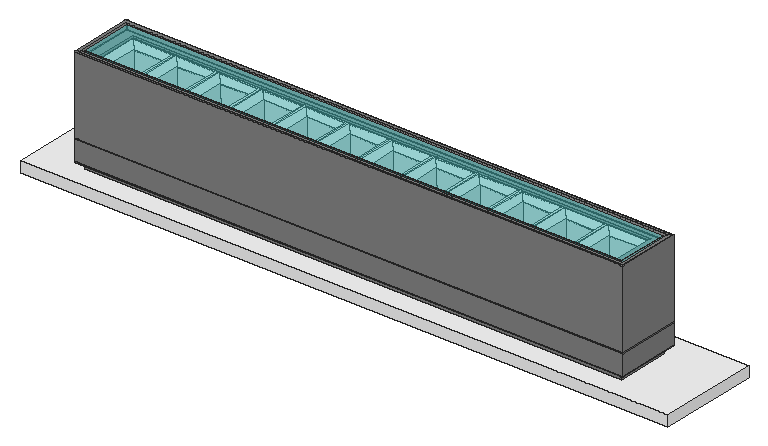
Revit family "BE_24461_de_DE", category Leuchten, Revit 2020
Family settings
  Basisbauteil = Fläche
  Bemaßung runder Anschluss = Durchmesser verwenden
  Teiletyp = Normal
  Beim Laden mit Abzugskörper schneiden = Ja
  Lichtquelle = Ja
  Gemeinsam genutzt = Nein
  Raumberechnungspunkt = Ja
Parameters (values of type "BEGA_24461_Grafit_K4")
  built-in parameter 1150104 = 17.816 (stored number, unit not read)
  Wattage = 15.8 W
  Default Elevation = 0 mm
  built-in parameter 1150113 = 1 (stored number, unit not read)
  built-in parameter 1114218 = 1 (stored number, unit not read)
  Umgebungstemperatur = "25 °C"
  URL = "https://www.bega.com/de/produkt/24461"
  Typenkommentare = "© 2022 BEGA. Wir behalten uns das Recht vor, technische Änderungen ohne vorherige Ankündigung vorzunehmen."  # constant formula
  Type Image = 24461.png
  built-in parameter 1150134 = 12
  built-in parameter 1150109 = 1 (stored number, unit not read)
  Strom = ""
  built-in parameter 1150110 = 1 (stored number, unit not read)
  Spannung = 239.996 V
  Sonderanfertigung = no
  Seriennummer [instance] = "Hier können Sie die eindeutige Seriennummer für das Facility Management eintragen."
  Schutzklasse = "I"
  Schutzart = "IP 65"
  Scheinlast = 0 VA
  Produktdatenblatt = "https://cdn.bega.com/bega/products/24461K3/current/documents/data-sheets/de"
  Neigungswinkel = 0.00°
  Modell = "24461K4"
  Material_17 = BEGA_Reflektor
  Material_15 = BEGA_Leuchtmedium_matt
  Material_13 = BEGA_Kunststoff_matt
  Material_11 = BEGA_Glas_opal
  Material_09 = BEGA_Glas_klar
  Material_06 = BEGA_Oberfläche_Edelstahl_gebürstet
  Material_05 = BEGA_Oberfläche_Aluminium Guss
  Material_03 = BEGA_Oberfläche_Weiss_matt
  Material_02 = BEGA_Oberfläche_Silber_matt
  Material_01 [instance] = BEGA_Oberfläche_Grafit_matt
  M_W = no
  M_G = yes
  M_A = no
  Logo = 0
  built-in parameter 1114217 = 1 (stored number, unit not read)
  built-in parameter 1150139 = (empty or 0)
  built-in parameter 1150105 = 241.12 (stored number, unit not read)
  built-in parameter 1150114 = 1 (stored number, unit not read)
  Lumens = 3029.97 lm
  built-in parameter 1150115 = 1 (stored number, unit not read)
  Leuchtenlichtstrom = "2012 lm"
  Leuchtenanzahl = ""
  Lebensdauerkriterien = "L70B50 @ 25 °C = 200000 h"
  Lastklassifizierung = Beleuchtung
  built-in parameter 1150112 = 1 (stored number, unit not read)
  Lampenlichtstrom = "3030 lm"
  Lampe = "LED 15.8 W"
  LED_Modulbezeichnung = "2x LED-0771/840"
  Hersteller = "BEGA"  # constant formula
  Halbstreuwinkel = ""
  Gewicht = "2.8 kg"
  Frequenz = "0/50-60 Hz"
  Farbwiedergabeindex = "CRI > 80"
  Farbtemperaturverschiebung bei Dämpfen der Lampe = <Keine Auswahl>
  Farbtemperatur = "4000 K"
  Color Filter = 16777215
  built-in parameter 1150133 = 10 (stored number, unit not read)
  Energieeffizienzklasse = "LED A++ - A"
  built-in parameter 1150137 = (empty or 0)
  built-in parameter 1150132 = (empty or 0)
  Dimmbar [instance] = "DALI"
  Datei für fotometrisches Netz = "BE_24461K4.IES"
  CE_Konformität = "ja"
  Bestellnummer = "24461K4"
  Beschreibung_Sonderanfertigung = "Hier können Sie Informationen zur Sonderanfertigung eintragen."
  Beschreibung = "Deckenaufbau-Tiefstrahler"
  built-in parameter 1150106 = 2.4112 (stored number, unit not read)
  Befestigungsbohrung = "Ø 7 mm"
  Befestigungsabstand = "433 mm"
  BEGA_Intern_aus = yes
  BEGA_Intern_an = yes
  BEGA_Intern_Konstruktion = yes
  BEGA_Intern = yes
  BEGA_IES = yes
  BEGA_Dummy = no
  Anschlussleistung [instance] = "18.3 W"
  Anschlusskasten = ""
  built-in parameter 1150107 = 4000 (stored number, unit not read)
  built-in parameter 1150102 = (empty or 0)
  built-in parameter 1150138 = (empty or 0)
  Aktualisierung = "2022-05-18T04:00:07"
  AC/DC = "AC/DC"
Reference planes
  plane 1 "Mitte (Vorne/Hinten)": y = 0
  plane 2: z = 0
  plane 3 "Mitte (Links/Rechts)": x = 0
  plane 4 "Links": x = -260
  plane 5 "Rechts": x = 260.3
  plane 6 "Unten": y = -30
  plane 7 "Oben": y = 30
  plane 8 "Vorne": z = 101
  plane 9 "Hinten": z = 0
Forms (mm)
  Extrusion 1, solid, material "BEGA_Platte_Weiss"
    sketch origin (0, -1119.2, 0) x (1, 0, 0) y (0, 1, 0)
      loop
        line (-300, 1169.2) -> (-300, 1074.2) -> (315, 1074.2) -> (315, 1169.2) -> (-300, 1169.2)
    from 0 to -10
  Extrusion 2, solid, material "BEGA_Dummy_matt", visible <- "BEGA_Dummy"
    sketch origin (80.095, -76.023, 0) x (1, 0, 0) y (0, 1, 0)
      loop
        line (-340.095, 106.023) -> (-340.095, 46.023) -> (180.205, 46.023) -> (180.205, 106.023) -> (-340.095, 106.023)
    from 0 to 101
Dimensions and locks
  plane 1 "Mitte (Vorne/Hinten)" to Extrusion 1 = 50 mm
  aligned and locked: plane 2 to Extrusion 1
  aligned and locked: level to Extrusion 1
  aligned and locked: plane 3 "Mitte (Links/Rechts)" to nested 1
  aligned and locked: plane 1 "Mitte (Vorne/Hinten)" to nested 1
  aligned and locked: nested 1 to Extrusion 2  (x3)
  aligned and locked: Extrusion 2 to nested 1
  aligned and locked: plane 7 "Oben" to Extrusion 2
  aligned and locked: plane 5 "Rechts" to Extrusion 2
  aligned and locked: plane 6 "Unten" to Extrusion 2
  aligned and locked: plane 4 "Links" to Extrusion 2
  aligned and locked: imposter light to plane 3 "Mitte (Links/Rechts)"
Nested families
  nested 1: "BE_24461" at (0, 0, 0), type "BE_24461"
Connectors
  electrical at (0, 0, 0), driven by "Lastklassifizierung", driven by "Spannung", driven by "Scheinlast"
    settings: index 1, voltage 239.996 V, apparent load 0 VA, apparent load phase1 0 VA, apparent load phase2 0 VA, apparent load phase3 0 VA, power factor 1, load classification "Beleuchtung", number of poles 1, system type 31, power factor state 1, is connector primary yes, connector utility no, sub classification motor no, connector description ""
Definition of nested family "BE_24461"
  Parameters (values of type "BE_24461")
    ui = 28 mm
    ua = 29 mm
    oi = 38 mm
    oa = 41 mm
    Default Elevation = 1 mm
    URL = "http://www.bega.de/de/produkt"
    Type Comments = "© 2015 BEGA. Wir behalten uns das Recht vor, technische Änderungen ohne vorherige Ankündigung vorzunehmen. "  # constant formula
    Type Image = (empty or 0)
    Pos_ui = 5 mm
    Pos_oi = 1.5 mm
    Pos_oa = 6 mm
    Neigungswinkel_um_Z2 = 0.00°
    Neigungswinkel_um_Z1 = 0.00°
    Neigungswinkel_um_Y2 = 0.00°
    Neigungswinkel_um_Y1 = 0.00°
    Neigungswinkel_um_X2 = 0.00°
    Neigungswinkel_um_X1 = 0.00°
    Material_17 = none
    Material_15 = none
    Material_13 = none
    Material_11 = none
    Material_09 = none
    Material_06 = none
    Material_05 = none
    Material_03 = none
    Material_02 = none
    Material_01 = none
    M_W = no
    M_G = yes
    M_A = no
    Länge_Platte = 700 mm  # constant formula
    Höhe_Platte = -10 mm  # constant formula
    Manufacturer = "BEGA"  # constant formula
    Drehwinkel_um_Z2 = 0.00°
    Drehwinkel_um_Z1 = 0.00°
    Breite_Platte = 200 mm  # constant formula
  Reference planes
    plane 1 "Mitte (Oben/Unten)": y = 0
    plane 2: z = 0
    plane 3 "Mitte (Links/Rechts)": x = 0
    plane 4: x = -260
    plane 5: z = 101
    plane 6: x = 260.3
    plane 7: y = 30
    plane 8: y = -30
  Forms (mm)
    Extrusion 1, solid, detail levels medium
      sketch origin (0, 0, 0) x (1, 0, 0) y (0, 1, 0)
        loop
          line (-350, 100) -> (-350, -100) -> (350, -100) -> (350, 100) -> (-350, 100)
      from 0 to -10 <- "Höhe_Platte"
    Sweep 2, solid, material <- "Material_01"
      path origin (0, 0, 0) x (1, 0, 0) y (0, 1, 0)
        loop
          line (-260, 30) -> (-260, -30) -> (260.3, -30) -> (260.3, 30) -> (-260, 30)
      profile origin (0.15, 30, 0) x (0, 1, 0) y (0, 0, 1)
        loop
          line (-0.5, 101) -> (-3.044, 101) -> (-4.682, 96.5) -> (-9.52, 96.5) -> (-9.52, 94) -> (-2.8, 94) -> (-2.8, 26) -> (-0.5, 26)
          arc (-0.5, 26) -> (-0.146, 26.146) -> (0, 26.5) r 0.5
          line (0, 26.5) -> (0, 100.5)
          arc (0, 100.5) -> (-0.146, 100.854) -> (-0.5, 101) r 0.5
    Extrusion 3, solid, material <- "Material_01"
      sketch origin (0, 0, 0) x (1, 0, 0) y (0, 0, 1)
        loop
          line (245.688, 94) -> (252.3, 94) -> (252.3, 96.5) -> (245.688, 96.5) -> (245.688, 94)
        loop
          line (-246, 94) -> (-246, 96.5) -> (-252.3, 96.5) -> (-252.3, 94) -> (-246, 94)
      from -22.05 to 22.05
    Extrusion 4, solid, material <- "Material_09"
      sketch origin (0, 0, 0) x (0, 1, 0) y (0, 0, 1)
        loop
          line (25, 96.7) -> (25, 100.7) -> (-25, 100.7) -> (-25, 96.7) -> (25, 96.7)
      from -255 to 255
    Sweep 5, solid, material <- "Material_01"
      path origin (0, 0, 0) x (1, 0, 0) y (0, 1, 0)
        loop
          line (260, 30) -> (-259.985, 30) -> (-259.985, -30) -> (260, -30) -> (260, 30)
      profile origin (0.008, 30, 0) x (0, -1, 0) y (0, 0, 1)
        loop
          arc (0, 6.5) -> (0.146, 6.146) -> (0.5, 6) r 0.5
          line (0.5, 6) -> (5, 6) -> (5, 0) -> (25, 0) -> (25, 10) -> (4, 10) -> (4, 26) -> (0, 26) -> (0, 6.5)
    Extrusion 6, solid, material <- "Material_01"
      sketch origin (0, 0, 0) x (0, 1, 0) y (0, 0, 1)
        loop
          line (5, 10) -> (-5, 10) -> (-5, 0) -> (5, 0) -> (5, 10)
      from 237 to -236
    Extrusion 7, void
      sketch origin (0, 0, 0) x (1, 0, 0) y (0, 1, 0)
        loop
          arc (-80, 20) -> (-100, 0) -> (-80, -20) r 20
          line (-80, -20) -> (80, -20)
          arc (80, -20) -> (100, 0) -> (80, 20) r 20
          line (80, 20) -> (-80, 20)
        loop
          arc (155, 3.5) -> (151.5, 0) -> (155, -3.5) r 3.5
          line (155, -3.5) -> (165, -3.5)
          arc (165, -3.5) -> (168.5, 0) -> (165, 3.5) r 3.5
          line (165, 3.5) -> (155, 3.5)
        loop
          arc (-163.5, -5) -> (-160, -8.5) -> (-156.5, -5) r 3.5
          line (-156.5, -5) -> (-156.5, 5)
          arc (-156.5, 5) -> (-160, 8.5) -> (-163.5, 5) r 3.5
          line (-163.5, 5) -> (-163.5, -5)
      from 11.948 to -0.793
    Revolve 8, solid, material <- "Material_06"
      sketch origin (-200, 0, 0) x (0, 1, 0) y (0, 0, 1)
        loop
          line (30, 22.75) -> (30, 18.8) -> (32.2, 18.8) -> (32.2, 22.75) -> (30, 22.75)
        axis (30, 18.8) -> (32.2, 18.8)
      angle from 0 to 360
    Revolve 9, solid, material <- "Material_06"
      sketch origin (200, 0, 0) x (0, 1, 0) y (0, 0, -1)
        loop
          line (30, -22.75) -> (32.2, -22.75) -> (32.2, -18.8) -> (30, -18.8) -> (30, -22.75)
        axis (30, -18.8) -> (32.2, -18.8)
      angle from 0 to 360
    Extrusion 10, solid, material <- "Material_15"
      sketch origin (0, 0, 0) x (1, 0, 0) y (0, 1, 0)
        loop
          line (-246, 20.48) -> (-246, -20.48) -> (245.688, -20.48) -> (245.688, 20.48) -> (-246, 20.48)
      from 66.142 to 68.941
    Revolve 11, solid, material <- "Material_13", not visible
      sketch origin (22.183, 0, 101.325) x (1, 0, 0) y (0, 0, 1)
        loop
          line (-1.683, -30.8) -> (-1.683, -27.217)
          spline (-1.683, -27.217) -> (-3.133, -27.26) -> (-4.532, -27.38) -> (-5.874, -27.569) -> (-7.152, -27.817) -> (-8.363, -28.115) -> (-9.501, -28.453) -> (-10.559, -28.822) -> (-11.534, -29.212) -> (-12.419, -29.615) -> (-13.209, -30.02) -> (-13.899, -30.418) -> (-14.483, -30.8)
          line (-14.483, -30.8) -> (-1.683, -30.8)
        axis (-1.683, -27.217) -> (-1.683, -30.8)
      angle from 0 to 360
    Extrusion 12, solid, not visible
      sketch origin (22.183, 0, 101.325) x (1, 0, 0) y (0, 0, 1)
        loop
          line (11.117, -31.8) -> (11.117, -30.8) -> (-14.483, -30.8) -> (-14.483, -31.8) -> (11.117, -31.8)
      from -12.798 to 12.776
    Revolve 13, solid, material <- "Material_13", not visible
      sketch origin (-607.942, 27.19, -1) x (1, 0, 0) y (0, 0, 1)
        loop
          line (-1.683, -30.8) -> (-1.683, -27.217)
          spline (-1.683, -27.217) -> (-3.133, -27.26) -> (-4.532, -27.38) -> (-5.874, -27.569) -> (-7.152, -27.817) -> (-8.363, -28.115) -> (-9.501, -28.453) -> (-10.559, -28.822) -> (-11.534, -29.212) -> (-12.419, -29.615) -> (-13.209, -30.02) -> (-13.899, -30.418) -> (-14.483, -30.8)
          line (-14.483, -30.8) -> (-1.683, -30.8)
        axis (-1.683, -27.217) -> (-1.683, -30.8)
      angle from 0 to 360
    Extrusion 14, solid, material <- "Material_13", not visible
      sketch origin (-607.942, 27.19, -1) x (1, 0, 0) y (0, 0, 1)
        loop
          line (11.117, -31.8) -> (11.117, -30.8) -> (-14.483, -30.8) -> (-14.483, -31.8) -> (11.117, -31.8)
      from -12.798 to 12.776
    Blend 15, solid, material <- "Material_17"
      base sketch origin (-272.31, 15.506, 101.8) x (1, 0, 0) y (0, 1, 0)
        loop
          line (32.31, -1.017) -> (32.31, -30.017) -> (61.31, -30.017) -> (61.31, -1.017) -> (32.31, -1.017)
      top sketch origin (-272.31, 15.506, 101.8) x (1, 0, 0) y (0, 1, 0)
        loop
          line (26.31, 4.983) -> (26.31, -36.017) -> (67.31, -36.017) -> (67.31, 4.983) -> (26.31, 4.983)
      from -11.8 to -6.8
    Blend 16, void
      base sketch origin (-312.061, -27.399, 101.8) x (1, 0, 0) y (0, 1, 0)
        loop
          line (72.561, 41.388) -> (72.561, 13.388) -> (100.561, 13.388) -> (100.561, 41.388) -> (72.561, 41.388)
      top sketch origin (-312.061, -27.399, 101.8) x (1, 0, 0) y (0, 1, 0)
        loop
          line (67.561, 46.388) -> (67.561, 8.388) -> (105.561, 8.388) -> (105.561, 46.388) -> (67.561, 46.388)
      from -11.8 to -6.8
    Blend 17, solid, material <- "Material_17"
      base sketch origin (-272.31, 15.506, 101.8) x (1, 0, 0) y (0, 1, 0)
        loop
          line (32.51, -1.217) -> (32.51, -29.817) -> (61.11, -29.817) -> (61.11, -1.217) -> (32.51, -1.217)
      top sketch origin (-272.31, 15.506, 101.8) x (1, 0, 0) y (0, 1, 0)
        loop
          line (32.31, -1.017) -> (32.31, -30.017) -> (61.31, -30.017) -> (61.31, -1.017) -> (32.31, -1.017)
      from -31.8 to -11.8
    Blend 18, void
      base sketch origin (-312.061, -27.399, 101.8) x (1, 0, 0) y (0, 1, 0)
        loop
          line (73.761, 40.188) -> (73.761, 14.588) -> (99.361, 14.588) -> (99.361, 40.188) -> (73.761, 40.188)
      top sketch origin (-312.061, -27.399, 101.8) x (1, 0, 0) y (0, 1, 0)
        loop
          line (72.561, 41.388) -> (72.561, 13.388) -> (100.561, 13.388) -> (100.561, 41.388) -> (72.561, 41.388)
      from -31.8 to -11.8
    Blend 19, solid, material <- "Material_17"
      base sketch origin (-231.31, 15.506, 101.8) x (1, 0, 0) y (0, 1, 0)
        loop
          line (32.31, -1.017) -> (32.31, -30.017) -> (61.31, -30.017) -> (61.31, -1.017) -> (32.31, -1.017)
      top sketch origin (-231.31, 15.506, 101.8) x (1, 0, 0) y (0, 1, 0)
        loop
          line (26.31, 4.983) -> (26.31, -36.017) -> (67.31, -36.017) -> (67.31, 4.983) -> (26.31, 4.983)
      from -11.8 to -6.8
    Blend 20, void
      base sketch origin (-271.061, -27.399, 101.8) x (1, 0, 0) y (0, 1, 0)
        loop
          line (72.561, 41.388) -> (72.561, 13.388) -> (100.561, 13.388) -> (100.561, 41.388) -> (72.561, 41.388)
      top sketch origin (-271.061, -27.399, 101.8) x (1, 0, 0) y (0, 1, 0)
        loop
          line (67.561, 46.388) -> (67.561, 8.388) -> (105.561, 8.388) -> (105.561, 46.388) -> (67.561, 46.388)
      from -11.8 to -6.8
    Blend 21, solid, material <- "Material_17"
      base sketch origin (-231.31, 15.506, 101.8) x (1, 0, 0) y (0, 1, 0)
        loop
          line (32.51, -1.217) -> (32.51, -29.817) -> (61.11, -29.817) -> (61.11, -1.217) -> (32.51, -1.217)
      top sketch origin (-231.31, 15.506, 101.8) x (1, 0, 0) y (0, 1, 0)
        loop
          line (32.31, -1.017) -> (32.31, -30.017) -> (61.31, -30.017) -> (61.31, -1.017) -> (32.31, -1.017)
      from -31.8 to -11.8
    Blend 22, void
      base sketch origin (-271.061, -27.399, 101.8) x (1, 0, 0) y (0, 1, 0)
        loop
          line (73.761, 40.188) -> (73.761, 14.588) -> (99.361, 14.588) -> (99.361, 40.188) -> (73.761, 40.188)
      top sketch origin (-271.061, -27.399, 101.8) x (1, 0, 0) y (0, 1, 0)
        loop
          line (72.561, 41.388) -> (72.561, 13.388) -> (100.561, 13.388) -> (100.561, 41.388) -> (72.561, 41.388)
      from -31.8 to -11.8
    Blend 23, solid, material <- "Material_17"
      base sketch origin (-190.31, 15.506, 101.8) x (1, 0, 0) y (0, 1, 0)
        loop
          line (32.31, -1.017) -> (32.31, -30.017) -> (61.31, -30.017) -> (61.31, -1.017) -> (32.31, -1.017)
      top sketch origin (-190.31, 15.506, 101.8) x (1, 0, 0) y (0, 1, 0)
        loop
          line (26.31, 4.983) -> (26.31, -36.017) -> (67.31, -36.017) -> (67.31, 4.983) -> (26.31, 4.983)
      from -11.8 to -6.8
    Blend 24, void
      base sketch origin (-230.061, -27.399, 101.8) x (1, 0, 0) y (0, 1, 0)
        loop
          line (72.561, 41.388) -> (72.561, 13.388) -> (100.561, 13.388) -> (100.561, 41.388) -> (72.561, 41.388)
      top sketch origin (-230.061, -27.399, 101.8) x (1, 0, 0) y (0, 1, 0)
        loop
          line (67.561, 46.388) -> (67.561, 8.388) -> (105.561, 8.388) -> (105.561, 46.388) -> (67.561, 46.388)
      from -11.8 to -6.8
    Blend 25, solid, material <- "Material_17"
      base sketch origin (-190.31, 15.506, 101.8) x (1, 0, 0) y (0, 1, 0)
        loop
          line (32.51, -1.217) -> (32.51, -29.817) -> (61.11, -29.817) -> (61.11, -1.217) -> (32.51, -1.217)
      top sketch origin (-190.31, 15.506, 101.8) x (1, 0, 0) y (0, 1, 0)
        loop
          line (32.31, -1.017) -> (32.31, -30.017) -> (61.31, -30.017) -> (61.31, -1.017) -> (32.31, -1.017)
      from -31.8 to -11.8
    Blend 26, void
      base sketch origin (-230.061, -27.399, 101.8) x (1, 0, 0) y (0, 1, 0)
        loop
          line (73.761, 40.188) -> (73.761, 14.588) -> (99.361, 14.588) -> (99.361, 40.188) -> (73.761, 40.188)
      top sketch origin (-230.061, -27.399, 101.8) x (1, 0, 0) y (0, 1, 0)
        loop
          line (72.561, 41.388) -> (72.561, 13.388) -> (100.561, 13.388) -> (100.561, 41.388) -> (72.561, 41.388)
      from -31.8 to -11.8
    Blend 27, solid, material <- "Material_17"
      base sketch origin (-149.31, 15.506, 101.8) x (1, 0, 0) y (0, 1, 0)
        loop
          line (32.31, -1.017) -> (32.31, -30.017) -> (61.31, -30.017) -> (61.31, -1.017) -> (32.31, -1.017)
      top sketch origin (-149.31, 15.506, 101.8) x (1, 0, 0) y (0, 1, 0)
        loop
          line (26.31, 4.983) -> (26.31, -36.017) -> (67.31, -36.017) -> (67.31, 4.983) -> (26.31, 4.983)
      from -11.8 to -6.8
    Blend 28, void
      base sketch origin (-189.061, -27.399, 101.8) x (1, 0, 0) y (0, 1, 0)
        loop
          line (72.561, 41.388) -> (72.561, 13.388) -> (100.561, 13.388) -> (100.561, 41.388) -> (72.561, 41.388)
      top sketch origin (-189.061, -27.399, 101.8) x (1, 0, 0) y (0, 1, 0)
        loop
          line (67.561, 46.388) -> (67.561, 8.388) -> (105.561, 8.388) -> (105.561, 46.388) -> (67.561, 46.388)
      from -11.8 to -6.8
    Blend 29, solid, material <- "Material_17"
      base sketch origin (-149.31, 15.506, 101.8) x (1, 0, 0) y (0, 1, 0)
        loop
          line (32.51, -1.217) -> (32.51, -29.817) -> (61.11, -29.817) -> (61.11, -1.217) -> (32.51, -1.217)
      top sketch origin (-149.31, 15.506, 101.8) x (1, 0, 0) y (0, 1, 0)
        loop
          line (32.31, -1.017) -> (32.31, -30.017) -> (61.31, -30.017) -> (61.31, -1.017) -> (32.31, -1.017)
      from -31.8 to -11.8
    Blend 30, void
      base sketch origin (-189.061, -27.399, 101.8) x (1, 0, 0) y (0, 1, 0)
        loop
          line (73.761, 40.188) -> (73.761, 14.588) -> (99.361, 14.588) -> (99.361, 40.188) -> (73.761, 40.188)
      top sketch origin (-189.061, -27.399, 101.8) x (1, 0, 0) y (0, 1, 0)
        loop
          line (72.561, 41.388) -> (72.561, 13.388) -> (100.561, 13.388) -> (100.561, 41.388) -> (72.561, 41.388)
      from -31.8 to -11.8
    Blend 31, solid, material <- "Material_17"
      base sketch origin (-108.31, 15.506, 101.8) x (1, 0, 0) y (0, 1, 0)
        loop
          line (32.31, -1.017) -> (32.31, -30.017) -> (61.31, -30.017) -> (61.31, -1.017) -> (32.31, -1.017)
      top sketch origin (-108.31, 15.506, 101.8) x (1, 0, 0) y (0, 1, 0)
        loop
          line (26.31, 4.983) -> (26.31, -36.017) -> (67.31, -36.017) -> (67.31, 4.983) -> (26.31, 4.983)
      from -11.8 to -6.8
    Blend 32, void
      base sketch origin (-148.061, -27.399, 101.8) x (1, 0, 0) y (0, 1, 0)
        loop
          line (72.561, 41.388) -> (72.561, 13.388) -> (100.561, 13.388) -> (100.561, 41.388) -> (72.561, 41.388)
      top sketch origin (-148.061, -27.399, 101.8) x (1, 0, 0) y (0, 1, 0)
        loop
          line (67.561, 46.388) -> (67.561, 8.388) -> (105.561, 8.388) -> (105.561, 46.388) -> (67.561, 46.388)
      from -11.8 to -6.8
    Blend 33, solid, material <- "Material_17"
      base sketch origin (-108.31, 15.506, 101.8) x (1, 0, 0) y (0, 1, 0)
        loop
          line (32.51, -1.217) -> (32.51, -29.817) -> (61.11, -29.817) -> (61.11, -1.217) -> (32.51, -1.217)
      top sketch origin (-108.31, 15.506, 101.8) x (1, 0, 0) y (0, 1, 0)
        loop
          line (32.31, -1.017) -> (32.31, -30.017) -> (61.31, -30.017) -> (61.31, -1.017) -> (32.31, -1.017)
      from -31.8 to -11.8
    Blend 34, void
      base sketch origin (-148.061, -27.399, 101.8) x (1, 0, 0) y (0, 1, 0)
        loop
          line (73.761, 40.188) -> (73.761, 14.588) -> (99.361, 14.588) -> (99.361, 40.188) -> (73.761, 40.188)
      top sketch origin (-148.061, -27.399, 101.8) x (1, 0, 0) y (0, 1, 0)
        loop
          line (72.561, 41.388) -> (72.561, 13.388) -> (100.561, 13.388) -> (100.561, 41.388) -> (72.561, 41.388)
      from -31.8 to -11.8
    Blend 35, solid, material <- "Material_17"
      base sketch origin (-67.31, 15.506, 101.8) x (1, 0, 0) y (0, 1, 0)
        loop
          line (32.31, -1.017) -> (32.31, -30.017) -> (61.31, -30.017) -> (61.31, -1.017) -> (32.31, -1.017)
      top sketch origin (-67.31, 15.506, 101.8) x (1, 0, 0) y (0, 1, 0)
        loop
          line (26.31, 4.983) -> (26.31, -36.017) -> (67.31, -36.017) -> (67.31, 4.983) -> (26.31, 4.983)
      from -11.8 to -6.8
    Blend 36, void
      base sketch origin (-107.061, -27.399, 101.8) x (1, 0, 0) y (0, 1, 0)
        loop
          line (72.561, 41.388) -> (72.561, 13.388) -> (100.561, 13.388) -> (100.561, 41.388) -> (72.561, 41.388)
      top sketch origin (-107.061, -27.399, 101.8) x (1, 0, 0) y (0, 1, 0)
        loop
          line (67.561, 46.388) -> (67.561, 8.388) -> (105.561, 8.388) -> (105.561, 46.388) -> (67.561, 46.388)
      from -11.8 to -6.8
    Blend 37, solid, material <- "Material_17"
      base sketch origin (-67.31, 15.506, 101.8) x (1, 0, 0) y (0, 1, 0)
        loop
          line (32.51, -1.217) -> (32.51, -29.817) -> (61.11, -29.817) -> (61.11, -1.217) -> (32.51, -1.217)
      top sketch origin (-67.31, 15.506, 101.8) x (1, 0, 0) y (0, 1, 0)
        loop
          line (32.31, -1.017) -> (32.31, -30.017) -> (61.31, -30.017) -> (61.31, -1.017) -> (32.31, -1.017)
      from -31.8 to -11.8
    Blend 38, void
      base sketch origin (-107.061, -27.399, 101.8) x (1, 0, 0) y (0, 1, 0)
        loop
          line (73.761, 40.188) -> (73.761, 14.588) -> (99.361, 14.588) -> (99.361, 40.188) -> (73.761, 40.188)
      top sketch origin (-107.061, -27.399, 101.8) x (1, 0, 0) y (0, 1, 0)
        loop
          line (72.561, 41.388) -> (72.561, 13.388) -> (100.561, 13.388) -> (100.561, 41.388) -> (72.561, 41.388)
      from -31.8 to -11.8
    Revolve 39, solid, material <- "Material_13"
      sketch origin (-223.817, -0.011, 100.8) x (1, 0, 0) y (0, 0, 1)
        loop
          line (-1.683, -30.8) -> (-1.683, -27.217)
          spline (-1.683, -27.217) -> (-3.133, -27.26) -> (-4.532, -27.38) -> (-5.874, -27.569) -> (-7.152, -27.817) -> (-8.363, -28.115) -> (-9.501, -28.453) -> (-10.559, -28.822) -> (-11.534, -29.212) -> (-12.419, -29.615) -> (-13.209, -30.02) -> (-13.899, -30.418) -> (-14.483, -30.8)
          line (-14.483, -30.8) -> (-1.683, -30.8)
        axis (-1.683, -27.217) -> (-1.683, -30.8)
      angle from 0 to 360
    Extrusion 40, solid, material <- "Material_13"
      sketch origin (-223.817, -0.011, 100.8) x (1, 0, 0) y (0, 0, 1)
        loop
          line (11.117, -31.8) -> (11.117, -30.8) -> (-14.483, -30.8) -> (-14.483, -31.8) -> (11.117, -31.8)
      from -12.798 to 12.776
    Revolve 41, solid, material <- "Material_13"
      sketch origin (-182.817, -0.011, 100.8) x (1, 0, 0) y (0, 0, 1)
        loop
          line (-1.683, -30.8) -> (-1.683, -27.217)
          spline (-1.683, -27.217) -> (-3.133, -27.26) -> (-4.532, -27.38) -> (-5.874, -27.569) -> (-7.152, -27.817) -> (-8.363, -28.115) -> (-9.501, -28.453) -> (-10.559, -28.822) -> (-11.534, -29.212) -> (-12.419, -29.615) -> (-13.209, -30.02) -> (-13.899, -30.418) -> (-14.483, -30.8)
          line (-14.483, -30.8) -> (-1.683, -30.8)
        axis (-1.683, -27.217) -> (-1.683, -30.8)
      angle from 0 to 360
    Extrusion 42, solid, material <- "Material_13"
      sketch origin (-182.817, -0.011, 100.8) x (1, 0, 0) y (0, 0, 1)
        loop
          line (11.117, -31.8) -> (11.117, -30.8) -> (-14.483, -30.8) -> (-14.483, -31.8) -> (11.117, -31.8)
      from -12.798 to 12.776
    Revolve 43, solid, material <- "Material_13"
      sketch origin (-141.817, -0.011, 100.8) x (1, 0, 0) y (0, 0, 1)
        loop
          line (-1.683, -30.8) -> (-1.683, -27.217)
          spline (-1.683, -27.217) -> (-3.133, -27.26) -> (-4.532, -27.38) -> (-5.874, -27.569) -> (-7.152, -27.817) -> (-8.363, -28.115) -> (-9.501, -28.453) -> (-10.559, -28.822) -> (-11.534, -29.212) -> (-12.419, -29.615) -> (-13.209, -30.02) -> (-13.899, -30.418) -> (-14.483, -30.8)
          line (-14.483, -30.8) -> (-1.683, -30.8)
        axis (-1.683, -27.217) -> (-1.683, -30.8)
      angle from 0 to 360
    Extrusion 44, solid, material <- "Material_13"
      sketch origin (-141.817, -0.011, 100.8) x (1, 0, 0) y (0, 0, 1)
        loop
          line (11.117, -31.8) -> (11.117, -30.8) -> (-14.483, -30.8) -> (-14.483, -31.8) -> (11.117, -31.8)
      from -12.798 to 12.776
    Revolve 45, solid, material <- "Material_13"
      sketch origin (-100.817, -0.011, 100.8) x (1, 0, 0) y (0, 0, 1)
        loop
          line (-1.683, -30.8) -> (-1.683, -27.217)
          spline (-1.683, -27.217) -> (-3.133, -27.26) -> (-4.532, -27.38) -> (-5.874, -27.569) -> (-7.152, -27.817) -> (-8.363, -28.115) -> (-9.501, -28.453) -> (-10.559, -28.822) -> (-11.534, -29.212) -> (-12.419, -29.615) -> (-13.209, -30.02) -> (-13.899, -30.418) -> (-14.483, -30.8)
          line (-14.483, -30.8) -> (-1.683, -30.8)
        axis (-1.683, -27.217) -> (-1.683, -30.8)
      angle from 0 to 360
    Extrusion 46, solid, material <- "Material_13"
      sketch origin (-100.817, -0.011, 100.8) x (1, 0, 0) y (0, 0, 1)
        loop
          line (11.117, -31.8) -> (11.117, -30.8) -> (-14.483, -30.8) -> (-14.483, -31.8) -> (11.117, -31.8)
      from -12.798 to 12.776
    Revolve 47, solid, material <- "Material_13"
      sketch origin (-59.817, -0.011, 100.8) x (1, 0, 0) y (0, 0, 1)
        loop
          line (-1.683, -30.8) -> (-1.683, -27.217)
          spline (-1.683, -27.217) -> (-3.133, -27.26) -> (-4.532, -27.38) -> (-5.874, -27.569) -> (-7.152, -27.817) -> (-8.363, -28.115) -> (-9.501, -28.453) -> (-10.559, -28.822) -> (-11.534, -29.212) -> (-12.419, -29.615) -> (-13.209, -30.02) -> (-13.899, -30.418) -> (-14.483, -30.8)
          line (-14.483, -30.8) -> (-1.683, -30.8)
        axis (-1.683, -27.217) -> (-1.683, -30.8)
      angle from 0 to 360
    Extrusion 48, solid, material <- "Material_13"
      sketch origin (-59.817, -0.011, 100.8) x (1, 0, 0) y (0, 0, 1)
        loop
          line (11.117, -31.8) -> (11.117, -30.8) -> (-14.483, -30.8) -> (-14.483, -31.8) -> (11.117, -31.8)
      from -12.798 to 12.776
    Revolve 49, solid, material <- "Material_13"
      sketch origin (-18.817, -0.011, 100.8) x (1, 0, 0) y (0, 0, 1)
        loop
          line (-1.683, -30.8) -> (-1.683, -27.217)
          spline (-1.683, -27.217) -> (-3.133, -27.26) -> (-4.532, -27.38) -> (-5.874, -27.569) -> (-7.152, -27.817) -> (-8.363, -28.115) -> (-9.501, -28.453) -> (-10.559, -28.822) -> (-11.534, -29.212) -> (-12.419, -29.615) -> (-13.209, -30.02) -> (-13.899, -30.418) -> (-14.483, -30.8)
          line (-14.483, -30.8) -> (-1.683, -30.8)
        axis (-1.683, -27.217) -> (-1.683, -30.8)
      angle from 0 to 360
    Extrusion 50, solid, material <- "Material_13"
      sketch origin (-18.817, -0.011, 100.8) x (1, 0, 0) y (0, 0, 1)
        loop
          line (11.117, -31.8) -> (11.117, -30.8) -> (-14.483, -30.8) -> (-14.483, -31.8) -> (11.117, -31.8)
      from -12.798 to 12.776
    Blend 51, solid, material <- "Material_17"
      base sketch origin (-26.31, 15.506, 101.8) x (1, 0, 0) y (0, 1, 0)
        loop
          line (32.31, -1.017) -> (32.31, -30.017) -> (61.31, -30.017) -> (61.31, -1.017) -> (32.31, -1.017)
      top sketch origin (-26.31, 15.506, 101.8) x (1, 0, 0) y (0, 1, 0)
        loop
          line (26.31, 4.983) -> (26.31, -36.017) -> (67.31, -36.017) -> (67.31, 4.983) -> (26.31, 4.983)
      from -11.8 to -6.8
    Blend 52, void
      base sketch origin (-66.061, -27.399, 101.8) x (1, 0, 0) y (0, 1, 0)
        loop
          line (72.561, 41.388) -> (72.561, 13.388) -> (100.561, 13.388) -> (100.561, 41.388) -> (72.561, 41.388)
      top sketch origin (-66.061, -27.399, 101.8) x (1, 0, 0) y (0, 1, 0)
        loop
          line (67.561, 46.388) -> (67.561, 8.388) -> (105.561, 8.388) -> (105.561, 46.388) -> (67.561, 46.388)
      from -11.8 to -6.8
    Blend 53, solid, material <- "Material_17"
      base sketch origin (-26.31, 15.506, 101.8) x (1, 0, 0) y (0, 1, 0)
        loop
          line (32.51, -1.217) -> (32.51, -29.817) -> (61.11, -29.817) -> (61.11, -1.217) -> (32.51, -1.217)
      top sketch origin (-26.31, 15.506, 101.8) x (1, 0, 0) y (0, 1, 0)
        loop
          line (32.31, -1.017) -> (32.31, -30.017) -> (61.31, -30.017) -> (61.31, -1.017) -> (32.31, -1.017)
      from -31.8 to -11.8
    Blend 54, void
      base sketch origin (-66.061, -27.399, 101.8) x (1, 0, 0) y (0, 1, 0)
        loop
          line (73.761, 40.188) -> (73.761, 14.588) -> (99.361, 14.588) -> (99.361, 40.188) -> (73.761, 40.188)
      top sketch origin (-66.061, -27.399, 101.8) x (1, 0, 0) y (0, 1, 0)
        loop
          line (72.561, 41.388) -> (72.561, 13.388) -> (100.561, 13.388) -> (100.561, 41.388) -> (72.561, 41.388)
      from -31.8 to -11.8
    Blend 55, solid, material <- "Material_17"
      base sketch origin (14.69, 15.506, 101.8) x (1, 0, 0) y (0, 1, 0)
        loop
          line (32.31, -1.017) -> (32.31, -30.017) -> (61.31, -30.017) -> (61.31, -1.017) -> (32.31, -1.017)
      top sketch origin (14.69, 15.506, 101.8) x (1, 0, 0) y (0, 1, 0)
        loop
          line (26.31, 4.983) -> (26.31, -36.017) -> (67.31, -36.017) -> (67.31, 4.983) -> (26.31, 4.983)
      from -11.8 to -6.8
    Blend 56, void
      base sketch origin (-25.061, -27.399, 101.8) x (1, 0, 0) y (0, 1, 0)
        loop
          line (72.561, 41.388) -> (72.561, 13.388) -> (100.561, 13.388) -> (100.561, 41.388) -> (72.561, 41.388)
      top sketch origin (-25.061, -27.399, 101.8) x (1, 0, 0) y (0, 1, 0)
        loop
          line (67.561, 46.388) -> (67.561, 8.388) -> (105.561, 8.388) -> (105.561, 46.388) -> (67.561, 46.388)
      from -11.8 to -6.8
    Blend 57, solid, material <- "Material_17"
      base sketch origin (14.69, 15.506, 101.8) x (1, 0, 0) y (0, 1, 0)
        loop
          line (32.51, -1.217) -> (32.51, -29.817) -> (61.11, -29.817) -> (61.11, -1.217) -> (32.51, -1.217)
      top sketch origin (14.69, 15.506, 101.8) x (1, 0, 0) y (0, 1, 0)
        loop
          line (32.31, -1.017) -> (32.31, -30.017) -> (61.31, -30.017) -> (61.31, -1.017) -> (32.31, -1.017)
      from -31.8 to -11.8
    Blend 58, void
      base sketch origin (-25.061, -27.399, 101.8) x (1, 0, 0) y (0, 1, 0)
        loop
          line (73.761, 40.188) -> (73.761, 14.588) -> (99.361, 14.588) -> (99.361, 40.188) -> (73.761, 40.188)
      top sketch origin (-25.061, -27.399, 101.8) x (1, 0, 0) y (0, 1, 0)
        loop
          line (72.561, 41.388) -> (72.561, 13.388) -> (100.561, 13.388) -> (100.561, 41.388) -> (72.561, 41.388)
      from -31.8 to -11.8
    Blend 59, solid, material <- "Material_17"
      base sketch origin (55.69, 15.506, 101.8) x (1, 0, 0) y (0, 1, 0)
        loop
          line (32.31, -1.017) -> (32.31, -30.017) -> (61.31, -30.017) -> (61.31, -1.017) -> (32.31, -1.017)
      top sketch origin (55.69, 15.506, 101.8) x (1, 0, 0) y (0, 1, 0)
        loop
          line (26.31, 4.983) -> (26.31, -36.017) -> (67.31, -36.017) -> (67.31, 4.983) -> (26.31, 4.983)
      from -11.8 to -6.8
    Blend 60, void
      base sketch origin (15.939, -27.399, 101.8) x (1, 0, 0) y (0, 1, 0)
        loop
          line (72.561, 41.388) -> (72.561, 13.388) -> (100.561, 13.388) -> (100.561, 41.388) -> (72.561, 41.388)
      top sketch origin (15.939, -27.399, 101.8) x (1, 0, 0) y (0, 1, 0)
        loop
          line (67.561, 46.388) -> (67.561, 8.388) -> (105.561, 8.388) -> (105.561, 46.388) -> (67.561, 46.388)
      from -11.8 to -6.8
    Blend 61, solid, material <- "Material_17"
      base sketch origin (55.69, 15.506, 101.8) x (1, 0, 0) y (0, 1, 0)
        loop
          line (32.51, -1.217) -> (32.51, -29.817) -> (61.11, -29.817) -> (61.11, -1.217) -> (32.51, -1.217)
      top sketch origin (55.69, 15.506, 101.8) x (1, 0, 0) y (0, 1, 0)
        loop
          line (32.31, -1.017) -> (32.31, -30.017) -> (61.31, -30.017) -> (61.31, -1.017) -> (32.31, -1.017)
      from -31.8 to -11.8
    Blend 62, void
      base sketch origin (15.939, -27.399, 101.8) x (1, 0, 0) y (0, 1, 0)
        loop
          line (73.761, 40.188) -> (73.761, 14.588) -> (99.361, 14.588) -> (99.361, 40.188) -> (73.761, 40.188)
      top sketch origin (15.939, -27.399, 101.8) x (1, 0, 0) y (0, 1, 0)
        loop
          line (72.561, 41.388) -> (72.561, 13.388) -> (100.561, 13.388) -> (100.561, 41.388) -> (72.561, 41.388)
      from -31.8 to -11.8
    Blend 63, solid, material <- "Material_17"
      base sketch origin (96.69, 15.506, 101.8) x (1, 0, 0) y (0, 1, 0)
        loop
          line (32.31, -1.017) -> (32.31, -30.017) -> (61.31, -30.017) -> (61.31, -1.017) -> (32.31, -1.017)
      top sketch origin (96.69, 15.506, 101.8) x (1, 0, 0) y (0, 1, 0)
        loop
          line (26.31, 4.983) -> (26.31, -36.017) -> (67.31, -36.017) -> (67.31, 4.983) -> (26.31, 4.983)
      from -11.8 to -6.8
    Blend 64, void
      base sketch origin (56.939, -27.399, 101.8) x (1, 0, 0) y (0, 1, 0)
        loop
          line (72.561, 41.388) -> (72.561, 13.388) -> (100.561, 13.388) -> (100.561, 41.388) -> (72.561, 41.388)
      top sketch origin (56.939, -27.399, 101.8) x (1, 0, 0) y (0, 1, 0)
        loop
          line (67.561, 46.388) -> (67.561, 8.388) -> (105.561, 8.388) -> (105.561, 46.388) -> (67.561, 46.388)
      from -11.8 to -6.8
    Blend 65, solid, material <- "Material_17"
      base sketch origin (96.69, 15.506, 101.8) x (1, 0, 0) y (0, 1, 0)
        loop
          line (32.51, -1.217) -> (32.51, -29.817) -> (61.11, -29.817) -> (61.11, -1.217) -> (32.51, -1.217)
      top sketch origin (96.69, 15.506, 101.8) x (1, 0, 0) y (0, 1, 0)
        loop
          line (32.31, -1.017) -> (32.31, -30.017) -> (61.31, -30.017) -> (61.31, -1.017) -> (32.31, -1.017)
      from -31.8 to -11.8
    Blend 66, void
      base sketch origin (56.939, -27.399, 101.8) x (1, 0, 0) y (0, 1, 0)
        loop
          line (73.761, 40.188) -> (73.761, 14.588) -> (99.361, 14.588) -> (99.361, 40.188) -> (73.761, 40.188)
      top sketch origin (56.939, -27.399, 101.8) x (1, 0, 0) y (0, 1, 0)
        loop
          line (72.561, 41.388) -> (72.561, 13.388) -> (100.561, 13.388) -> (100.561, 41.388) -> (72.561, 41.388)
      from -31.8 to -11.8
    Blend 67, solid, material <- "Material_17"
      base sketch origin (137.69, 15.506, 101.8) x (1, 0, 0) y (0, 1, 0)
        loop
          line (32.31, -1.017) -> (32.31, -30.017) -> (61.31, -30.017) -> (61.31, -1.017) -> (32.31, -1.017)
      top sketch origin (137.69, 15.506, 101.8) x (1, 0, 0) y (0, 1, 0)
        loop
          line (26.31, 4.983) -> (26.31, -36.017) -> (67.31, -36.017) -> (67.31, 4.983) -> (26.31, 4.983)
      from -11.8 to -6.8
    Blend 68, void
      base sketch origin (97.939, -27.399, 101.8) x (1, 0, 0) y (0, 1, 0)
        loop
          line (72.561, 41.388) -> (72.561, 13.388) -> (100.561, 13.388) -> (100.561, 41.388) -> (72.561, 41.388)
      top sketch origin (97.939, -27.399, 101.8) x (1, 0, 0) y (0, 1, 0)
        loop
          line (67.561, 46.388) -> (67.561, 8.388) -> (105.561, 8.388) -> (105.561, 46.388) -> (67.561, 46.388)
      from -11.8 to -6.8
    Blend 69, solid, material <- "Material_17"
      base sketch origin (137.69, 15.506, 101.8) x (1, 0, 0) y (0, 1, 0)
        loop
          line (32.51, -1.217) -> (32.51, -29.817) -> (61.11, -29.817) -> (61.11, -1.217) -> (32.51, -1.217)
      top sketch origin (137.69, 15.506, 101.8) x (1, 0, 0) y (0, 1, 0)
        loop
          line (32.31, -1.017) -> (32.31, -30.017) -> (61.31, -30.017) -> (61.31, -1.017) -> (32.31, -1.017)
      from -31.8 to -11.8
    Blend 70, void
      base sketch origin (97.939, -27.399, 101.8) x (1, 0, 0) y (0, 1, 0)
        loop
          line (73.761, 40.188) -> (73.761, 14.588) -> (99.361, 14.588) -> (99.361, 40.188) -> (73.761, 40.188)
      top sketch origin (97.939, -27.399, 101.8) x (1, 0, 0) y (0, 1, 0)
        loop
          line (72.561, 41.388) -> (72.561, 13.388) -> (100.561, 13.388) -> (100.561, 41.388) -> (72.561, 41.388)
      from -31.8 to -11.8
    Blend 71, solid, material <- "Material_17"
      base sketch origin (178.69, 15.506, 101.8) x (1, 0, 0) y (0, 1, 0)
        loop
          line (32.31, -1.017) -> (32.31, -30.017) -> (61.31, -30.017) -> (61.31, -1.017) -> (32.31, -1.017)
      top sketch origin (178.69, 15.506, 101.8) x (1, 0, 0) y (0, 1, 0)
        loop
          line (26.31, 4.983) -> (26.31, -36.017) -> (67.31, -36.017) -> (67.31, 4.983) -> (26.31, 4.983)
      from -11.8 to -6.8
    Blend 72, void
      base sketch origin (138.939, -27.399, 101.8) x (1, 0, 0) y (0, 1, 0)
        loop
          line (72.561, 41.388) -> (72.561, 13.388) -> (100.561, 13.388) -> (100.561, 41.388) -> (72.561, 41.388)
      top sketch origin (138.939, -27.399, 101.8) x (1, 0, 0) y (0, 1, 0)
        loop
          line (67.561, 46.388) -> (67.561, 8.388) -> (105.561, 8.388) -> (105.561, 46.388) -> (67.561, 46.388)
      from -11.8 to -6.8
    Blend 73, solid, material <- "Material_17"
      base sketch origin (178.69, 15.506, 101.8) x (1, 0, 0) y (0, 1, 0)
        loop
          line (32.51, -1.217) -> (32.51, -29.817) -> (61.11, -29.817) -> (61.11, -1.217) -> (32.51, -1.217)
      top sketch origin (178.69, 15.506, 101.8) x (1, 0, 0) y (0, 1, 0)
        loop
          line (32.31, -1.017) -> (32.31, -30.017) -> (61.31, -30.017) -> (61.31, -1.017) -> (32.31, -1.017)
      from -31.8 to -11.8
    Blend 74, void
      base sketch origin (138.939, -27.399, 101.8) x (1, 0, 0) y (0, 1, 0)
        loop
          line (73.761, 40.188) -> (73.761, 14.588) -> (99.361, 14.588) -> (99.361, 40.188) -> (73.761, 40.188)
      top sketch origin (138.939, -27.399, 101.8) x (1, 0, 0) y (0, 1, 0)
        loop
          line (72.561, 41.388) -> (72.561, 13.388) -> (100.561, 13.388) -> (100.561, 41.388) -> (72.561, 41.388)
      from -31.8 to -11.8
    Revolve 75, solid, material <- "Material_13"
      sketch origin (22.183, -0.011, 100.8) x (1, 0, 0) y (0, 0, 1)
        loop
          line (-1.683, -30.8) -> (-1.683, -27.217)
          spline (-1.683, -27.217) -> (-3.133, -27.26) -> (-4.532, -27.38) -> (-5.874, -27.569) -> (-7.152, -27.817) -> (-8.363, -28.115) -> (-9.501, -28.453) -> (-10.559, -28.822) -> (-11.534, -29.212) -> (-12.419, -29.615) -> (-13.209, -30.02) -> (-13.899, -30.418) -> (-14.483, -30.8)
          line (-14.483, -30.8) -> (-1.683, -30.8)
        axis (-1.683, -27.217) -> (-1.683, -30.8)
      angle from 0 to 360
    Extrusion 76, solid, material <- "Material_13"
      sketch origin (22.183, -0.011, 100.8) x (1, 0, 0) y (0, 0, 1)
        loop
          line (11.117, -31.8) -> (11.117, -30.8) -> (-14.483, -30.8) -> (-14.483, -31.8) -> (11.117, -31.8)
      from -12.798 to 12.776
    Revolve 77, solid, material <- "Material_13"
      sketch origin (63.183, -0.011, 100.8) x (1, 0, 0) y (0, 0, 1)
        loop
          line (-1.683, -30.8) -> (-1.683, -27.217)
          spline (-1.683, -27.217) -> (-3.133, -27.26) -> (-4.532, -27.38) -> (-5.874, -27.569) -> (-7.152, -27.817) -> (-8.363, -28.115) -> (-9.501, -28.453) -> (-10.559, -28.822) -> (-11.534, -29.212) -> (-12.419, -29.615) -> (-13.209, -30.02) -> (-13.899, -30.418) -> (-14.483, -30.8)
          line (-14.483, -30.8) -> (-1.683, -30.8)
        axis (-1.683, -27.217) -> (-1.683, -30.8)
      angle from 0 to 360
    Extrusion 78, solid, material <- "Material_13"
      sketch origin (63.183, -0.011, 100.8) x (1, 0, 0) y (0, 0, 1)
        loop
          line (11.117, -31.8) -> (11.117, -30.8) -> (-14.483, -30.8) -> (-14.483, -31.8) -> (11.117, -31.8)
      from -12.798 to 12.776
    Revolve 79, solid, material <- "Material_13"
      sketch origin (104.183, -0.011, 100.8) x (1, 0, 0) y (0, 0, 1)
        loop
          line (-1.683, -30.8) -> (-1.683, -27.217)
          spline (-1.683, -27.217) -> (-3.133, -27.26) -> (-4.532, -27.38) -> (-5.874, -27.569) -> (-7.152, -27.817) -> (-8.363, -28.115) -> (-9.501, -28.453) -> (-10.559, -28.822) -> (-11.534, -29.212) -> (-12.419, -29.615) -> (-13.209, -30.02) -> (-13.899, -30.418) -> (-14.483, -30.8)
          line (-14.483, -30.8) -> (-1.683, -30.8)
        axis (-1.683, -27.217) -> (-1.683, -30.8)
      angle from 0 to 360
    Extrusion 80, solid, material <- "Material_13"
      sketch origin (104.183, -0.011, 100.8) x (1, 0, 0) y (0, 0, 1)
        loop
          line (11.117, -31.8) -> (11.117, -30.8) -> (-14.483, -30.8) -> (-14.483, -31.8) -> (11.117, -31.8)
      from -12.798 to 12.776
    Revolve 81, solid, material <- "Material_13"
      sketch origin (145.183, -0.011, 100.8) x (1, 0, 0) y (0, 0, 1)
        loop
          line (-1.683, -30.8) -> (-1.683, -27.217)
          spline (-1.683, -27.217) -> (-3.133, -27.26) -> (-4.532, -27.38) -> (-5.874, -27.569) -> (-7.152, -27.817) -> (-8.363, -28.115) -> (-9.501, -28.453) -> (-10.559, -28.822) -> (-11.534, -29.212) -> (-12.419, -29.615) -> (-13.209, -30.02) -> (-13.899, -30.418) -> (-14.483, -30.8)
          line (-14.483, -30.8) -> (-1.683, -30.8)
        axis (-1.683, -27.217) -> (-1.683, -30.8)
      angle from 0 to 360
    Extrusion 82, solid, material <- "Material_13"
      sketch origin (145.183, -0.011, 100.8) x (1, 0, 0) y (0, 0, 1)
        loop
          line (11.117, -31.8) -> (11.117, -30.8) -> (-14.483, -30.8) -> (-14.483, -31.8) -> (11.117, -31.8)
      from -12.798 to 12.776
    Revolve 83, solid, material <- "Material_13"
      sketch origin (186.183, -0.011, 100.8) x (1, 0, 0) y (0, 0, 1)
        loop
          line (-1.683, -30.8) -> (-1.683, -27.217)
          spline (-1.683, -27.217) -> (-3.133, -27.26) -> (-4.532, -27.38) -> (-5.874, -27.569) -> (-7.152, -27.817) -> (-8.363, -28.115) -> (-9.501, -28.453) -> (-10.559, -28.822) -> (-11.534, -29.212) -> (-12.419, -29.615) -> (-13.209, -30.02) -> (-13.899, -30.418) -> (-14.483, -30.8)
          line (-14.483, -30.8) -> (-1.683, -30.8)
        axis (-1.683, -27.217) -> (-1.683, -30.8)
      angle from 0 to 360
    Extrusion 84, solid, material <- "Material_13"
      sketch origin (186.183, -0.011, 100.8) x (1, 0, 0) y (0, 0, 1)
        loop
          line (11.117, -31.8) -> (11.117, -30.8) -> (-14.483, -30.8) -> (-14.483, -31.8) -> (11.117, -31.8)
      from -12.798 to 12.776
    Revolve 85, solid, material <- "Material_13"
      sketch origin (227.183, -0.011, 100.8) x (1, 0, 0) y (0, 0, 1)
        loop
          line (-1.683, -30.8) -> (-1.683, -27.217)
          spline (-1.683, -27.217) -> (-3.133, -27.26) -> (-4.532, -27.38) -> (-5.874, -27.569) -> (-7.152, -27.817) -> (-8.363, -28.115) -> (-9.501, -28.453) -> (-10.559, -28.822) -> (-11.534, -29.212) -> (-12.419, -29.615) -> (-13.209, -30.02) -> (-13.899, -30.418) -> (-14.483, -30.8)
          line (-14.483, -30.8) -> (-1.683, -30.8)
        axis (-1.683, -27.217) -> (-1.683, -30.8)
      angle from 0 to 360
    Extrusion 86, solid, material <- "Material_13"
      sketch origin (227.183, -0.011, 100.8) x (1, 0, 0) y (0, 0, 1)
        loop
          line (11.117, -31.8) -> (11.117, -30.8) -> (-14.483, -30.8) -> (-14.483, -31.8) -> (11.117, -31.8)
      from -12.798 to 12.776
  Cuts and joins
    joined: Sweep 2, Extrusion 3
    Extrusion 7 cuts Sweep 5
    Extrusion 7 cuts Extrusion 6
    joined: Sweep 5, Extrusion 6
    Blend 16 cuts Blend 15
    Blend 18 cuts Blend 17
    Blend 20 cuts Blend 19
    Blend 24 cuts Blend 23
    Blend 22 cuts Blend 21
    Blend 26 cuts Blend 25
    Blend 28 cuts Blend 27
    Blend 30 cuts Blend 29
    Blend 32 cuts Blend 31
    Blend 34 cuts Blend 33
    Blend 36 cuts Blend 35
    Blend 38 cuts Blend 37
    Blend 72 cuts Blend 71
    Blend 68 cuts Blend 67
    Blend 64 cuts Blend 63
    Blend 60 cuts Blend 59
    Blend 56 cuts Blend 55
    Blend 52 cuts Blend 51
    Blend 74 cuts Blend 73
    Blend 70 cuts Blend 69
    Blend 66 cuts Blend 65
    Blend 62 cuts Blend 61
    Blend 58 cuts Blend 57
    Blend 54 cuts Blend 53
  Dimensions and locks
    equal spacing: Extrusion 1 sketch curve, plane 3 "Mitte (Links/Rechts)", Extrusion 1 sketch curve
    equal spacing: Extrusion 1 sketch curve, plane 1 "Mitte (Oben/Unten)", Extrusion 1 sketch curve
    "Länge_Platte": Extrusion 1 sketch curve to Extrusion 1 sketch curve
    "Breite_Platte": Extrusion 1 sketch curve to Extrusion 1 sketch curve
    "ua": Blend 15 sketch curve to Blend 15 sketch curve  (x2)
    "oa": Blend 15 sketch curve to Blend 15 sketch curve  (x2)
    "ui": Blend 16 sketch curve to Blend 16 sketch curve  (x2)
    "oi": Blend 16 sketch curve to Blend 16 sketch curve  (x2)
    "Pos_oi": Blend 15 to Blend 16 sketch curve
    "Pos_oi": Blend 16 sketch curve to Blend 15
    "Pos_ui": Blend 16 sketch curve to var sketch
    "Pos_ui": var sketch to Blend 16 sketch curve
    "Pos_oa": Blend 15 sketch curve to var sketch
    "Pos_oa": var sketch to Blend 15 sketch curve
    Blend 17 sketch curve to Blend 17 sketch curve = 28.6 mm  (x4)
    Blend 17 sketch curve to Blend 17 sketch curve = 29 mm  (x2)
    Blend 18 sketch curve to Blend 18 sketch curve = 25.6 mm  (x2)
    Blend 18 sketch curve to Blend 18 sketch curve = 28 mm  (x2)
    Blend 17 to Blend 18 sketch curve = 0.5 mm
    Blend 18 sketch curve to Blend 17 = 0.5 mm
    "ua": Blend 19 sketch curve to Blend 19 sketch curve  (x2)
    "oa": Blend 19 sketch curve to Blend 19 sketch curve  (x2)
    "ui": Blend 20 sketch curve to Blend 20 sketch curve  (x2)
    "oi": Blend 20 sketch curve to Blend 20 sketch curve  (x2)
    "Pos_oi": Blend 19 to Blend 20 sketch curve
    "Pos_oi": Blend 20 sketch curve to Blend 19
    "Pos_ui": Blend 20 sketch curve to var sketch
    "Pos_ui": var sketch to Blend 20 sketch curve
    "Pos_oa": Blend 19 sketch curve to var sketch
    "Pos_oa": var sketch to Blend 19 sketch curve
    Blend 21 sketch curve to Blend 21 sketch curve = 28.6 mm  (x4)
    Blend 21 sketch curve to Blend 21 sketch curve = 29 mm  (x2)
    Blend 22 sketch curve to Blend 22 sketch curve = 25.6 mm  (x2)
    Blend 22 sketch curve to Blend 22 sketch curve = 28 mm  (x2)
    Blend 21 to Blend 22 sketch curve = 0.5 mm
    Blend 22 sketch curve to Blend 21 = 0.5 mm
    "ua": Blend 23 sketch curve to Blend 23 sketch curve  (x2)
    "oa": Blend 23 sketch curve to Blend 23 sketch curve  (x2)
    "ui": Blend 24 sketch curve to Blend 24 sketch curve  (x2)
    "oi": Blend 24 sketch curve to Blend 24 sketch curve  (x2)
    "Pos_oi": Blend 23 to Blend 24 sketch curve
    "Pos_oi": Blend 24 sketch curve to Blend 23
    "Pos_ui": Blend 24 sketch curve to var sketch
    "Pos_ui": var sketch to Blend 24 sketch curve
    "Pos_oa": Blend 23 sketch curve to var sketch
    "Pos_oa": var sketch to Blend 23 sketch curve
    Blend 25 sketch curve to Blend 25 sketch curve = 28.6 mm  (x4)
    Blend 25 sketch curve to Blend 25 sketch curve = 29 mm  (x2)
    Blend 26 sketch curve to Blend 26 sketch curve = 25.6 mm  (x2)
    Blend 26 sketch curve to Blend 26 sketch curve = 28 mm  (x2)
    Blend 25 to Blend 26 sketch curve = 0.5 mm
    Blend 26 sketch curve to Blend 25 = 0.5 mm
    "ua": Blend 27 sketch curve to Blend 27 sketch curve  (x2)
    "oa": Blend 27 sketch curve to Blend 27 sketch curve  (x2)
    "ui": Blend 28 sketch curve to Blend 28 sketch curve  (x2)
    "oi": Blend 28 sketch curve to Blend 28 sketch curve  (x2)
    "Pos_oi": Blend 27 to Blend 28 sketch curve
    "Pos_oi": Blend 28 sketch curve to Blend 27
    "Pos_ui": Blend 28 sketch curve to var sketch
    "Pos_ui": var sketch to Blend 28 sketch curve
    "Pos_oa": Blend 27 sketch curve to var sketch
    "Pos_oa": var sketch to Blend 27 sketch curve
    Blend 29 sketch curve to Blend 29 sketch curve = 28.6 mm  (x4)
    Blend 29 sketch curve to Blend 29 sketch curve = 29 mm  (x2)
    Blend 30 sketch curve to Blend 30 sketch curve = 25.6 mm  (x2)
    Blend 30 sketch curve to Blend 30 sketch curve = 28 mm  (x2)
    Blend 29 to Blend 30 sketch curve = 0.5 mm
    Blend 30 sketch curve to Blend 29 = 0.5 mm
    "ua": Blend 31 sketch curve to Blend 31 sketch curve  (x2)
    "oa": Blend 31 sketch curve to Blend 31 sketch curve  (x2)
    "ui": Blend 32 sketch curve to Blend 32 sketch curve  (x2)
    "oi": Blend 32 sketch curve to Blend 32 sketch curve  (x2)
    "Pos_oi": Blend 31 to Blend 32 sketch curve
    "Pos_oi": Blend 32 sketch curve to Blend 31
    "Pos_ui": Blend 32 sketch curve to var sketch
    "Pos_ui": var sketch to Blend 32 sketch curve
    "Pos_oa": Blend 31 sketch curve to var sketch
    "Pos_oa": var sketch to Blend 31 sketch curve
    Blend 33 sketch curve to Blend 33 sketch curve = 28.6 mm  (x4)
    Blend 33 sketch curve to Blend 33 sketch curve = 29 mm  (x2)
    Blend 34 sketch curve to Blend 34 sketch curve = 25.6 mm  (x2)
    Blend 34 sketch curve to Blend 34 sketch curve = 28 mm  (x2)
    Blend 33 to Blend 34 sketch curve = 0.5 mm
    Blend 34 sketch curve to Blend 33 = 0.5 mm
    "ua": Blend 35 sketch curve to Blend 35 sketch curve  (x2)
    "oa": Blend 35 sketch curve to Blend 35 sketch curve  (x2)
    "ui": Blend 36 sketch curve to Blend 36 sketch curve  (x2)
    "oi": Blend 36 sketch curve to Blend 36 sketch curve  (x2)
    "Pos_oi": Blend 35 to Blend 36 sketch curve
    "Pos_oi": Blend 36 sketch curve to Blend 35
    "Pos_ui": Blend 36 sketch curve to var sketch
    "Pos_ui": var sketch to Blend 36 sketch curve
    "Pos_oa": Blend 35 sketch curve to var sketch
    "Pos_oa": var sketch to Blend 35 sketch curve
    Blend 37 sketch curve to Blend 37 sketch curve = 28.6 mm  (x4)
    Blend 37 sketch curve to Blend 37 sketch curve = 29 mm  (x2)
    Blend 38 sketch curve to Blend 38 sketch curve = 25.6 mm  (x2)
    Blend 38 sketch curve to Blend 38 sketch curve = 28 mm  (x2)
    Blend 37 to Blend 38 sketch curve = 0.5 mm
    Blend 38 sketch curve to Blend 37 = 0.5 mm
    "ua": Blend 51 sketch curve to Blend 51 sketch curve  (x2)
    "oa": Blend 51 sketch curve to Blend 51 sketch curve  (x2)
    "ui": Blend 52 sketch curve to Blend 52 sketch curve  (x2)
    "oi": Blend 52 sketch curve to Blend 52 sketch curve  (x2)
    "Pos_oi": Blend 51 to Blend 52 sketch curve
    "Pos_oi": Blend 52 sketch curve to Blend 51
    "Pos_ui": Blend 52 sketch curve to var sketch
    "Pos_ui": var sketch to Blend 52 sketch curve
    "Pos_oa": Blend 51 sketch curve to var sketch
    "Pos_oa": var sketch to Blend 51 sketch curve
    Blend 53 sketch curve to Blend 53 sketch curve = 28.6 mm  (x4)
    Blend 53 sketch curve to Blend 53 sketch curve = 29 mm  (x2)
    Blend 54 sketch curve to Blend 54 sketch curve = 25.6 mm  (x2)
    Blend 54 sketch curve to Blend 54 sketch curve = 28 mm  (x2)
    Blend 53 to Blend 54 sketch curve = 0.5 mm
    Blend 54 sketch curve to Blend 53 = 0.5 mm
    "ua": Blend 55 sketch curve to Blend 55 sketch curve  (x2)
    "oa": Blend 55 sketch curve to Blend 55 sketch curve  (x2)
    "ui": Blend 56 sketch curve to Blend 56 sketch curve  (x2)
    "oi": Blend 56 sketch curve to Blend 56 sketch curve  (x2)
    "Pos_oi": Blend 55 to Blend 56 sketch curve
    "Pos_oi": Blend 56 sketch curve to Blend 55
    "Pos_ui": Blend 56 sketch curve to var sketch
    "Pos_ui": var sketch to Blend 56 sketch curve
    "Pos_oa": Blend 55 sketch curve to var sketch
    "Pos_oa": var sketch to Blend 55 sketch curve
    Blend 57 sketch curve to Blend 57 sketch curve = 28.6 mm  (x4)
    Blend 57 sketch curve to Blend 57 sketch curve = 29 mm  (x2)
    Blend 58 sketch curve to Blend 58 sketch curve = 25.6 mm  (x2)
    Blend 58 sketch curve to Blend 58 sketch curve = 28 mm  (x2)
    Blend 57 to Blend 58 sketch curve = 0.5 mm
    Blend 58 sketch curve to Blend 57 = 0.5 mm
    "ua": Blend 59 sketch curve to Blend 59 sketch curve  (x2)
    "oa": Blend 59 sketch curve to Blend 59 sketch curve  (x2)
    "ui": Blend 60 sketch curve to Blend 60 sketch curve  (x2)
    "oi": Blend 60 sketch curve to Blend 60 sketch curve  (x2)
    "Pos_oi": Blend 59 to Blend 60 sketch curve
    "Pos_oi": Blend 60 sketch curve to Blend 59
    "Pos_ui": Blend 60 sketch curve to var sketch
    "Pos_ui": var sketch to Blend 60 sketch curve
    "Pos_oa": Blend 59 sketch curve to var sketch
    "Pos_oa": var sketch to Blend 59 sketch curve
    Blend 61 sketch curve to Blend 61 sketch curve = 28.6 mm  (x4)
    Blend 61 sketch curve to Blend 61 sketch curve = 29 mm  (x2)
    Blend 62 sketch curve to Blend 62 sketch curve = 25.6 mm  (x2)
    Blend 62 sketch curve to Blend 62 sketch curve = 28 mm  (x2)
    Blend 61 to Blend 62 sketch curve = 0.5 mm
    Blend 62 sketch curve to Blend 61 = 0.5 mm
    "ua": Blend 63 sketch curve to Blend 63 sketch curve  (x2)
    "oa": Blend 63 sketch curve to Blend 63 sketch curve  (x2)
    "ui": Blend 64 sketch curve to Blend 64 sketch curve  (x2)
    "oi": Blend 64 sketch curve to Blend 64 sketch curve  (x2)
    "Pos_oi": Blend 63 to Blend 64 sketch curve
    "Pos_oi": Blend 64 sketch curve to Blend 63
    "Pos_ui": Blend 64 sketch curve to var sketch
    "Pos_ui": var sketch to Blend 64 sketch curve
    "Pos_oa": Blend 63 sketch curve to var sketch
    "Pos_oa": var sketch to Blend 63 sketch curve
    Blend 65 sketch curve to Blend 65 sketch curve = 28.6 mm  (x4)
    Blend 65 sketch curve to Blend 65 sketch curve = 29 mm  (x2)
    Blend 66 sketch curve to Blend 66 sketch curve = 25.6 mm  (x2)
    Blend 66 sketch curve to Blend 66 sketch curve = 28 mm  (x2)
    Blend 65 to Blend 66 sketch curve = 0.5 mm
    Blend 66 sketch curve to Blend 65 = 0.5 mm
    "ua": Blend 67 sketch curve to Blend 67 sketch curve  (x2)
    "oa": Blend 67 sketch curve to Blend 67 sketch curve  (x2)
    "ui": Blend 68 sketch curve to Blend 68 sketch curve  (x2)
    "oi": Blend 68 sketch curve to Blend 68 sketch curve  (x2)
    "Pos_oi": Blend 67 to Blend 68 sketch curve
    "Pos_oi": Blend 68 sketch curve to Blend 67
    "Pos_ui": Blend 68 sketch curve to var sketch
    "Pos_ui": var sketch to Blend 68 sketch curve
    "Pos_oa": Blend 67 sketch curve to var sketch
    "Pos_oa": var sketch to Blend 67 sketch curve
    Blend 69 sketch curve to Blend 69 sketch curve = 28.6 mm  (x4)
    Blend 69 sketch curve to Blend 69 sketch curve = 29 mm  (x2)
    Blend 70 sketch curve to Blend 70 sketch curve = 25.6 mm  (x2)
    Blend 70 sketch curve to Blend 70 sketch curve = 28 mm  (x2)
    Blend 69 to Blend 70 sketch curve = 0.5 mm
    Blend 70 sketch curve to Blend 69 = 0.5 mm
    "ua": Blend 71 sketch curve to Blend 71 sketch curve  (x2)
    "oa": Blend 71 sketch curve to Blend 71 sketch curve  (x2)
    "ui": Blend 72 sketch curve to Blend 72 sketch curve  (x2)
    "oi": Blend 72 sketch curve to Blend 72 sketch curve  (x2)
